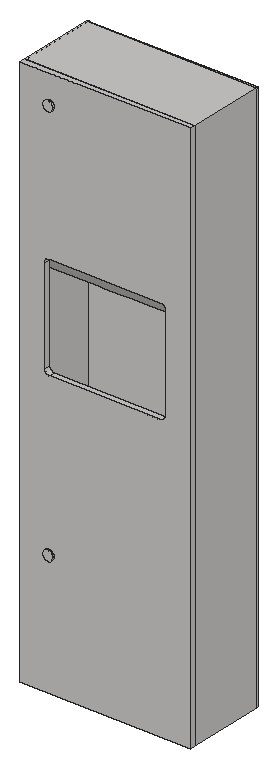
Revit family "rba-bim-B390039", category Specialty Equipment, Revit 2018
Family settings
  Round Connector Dimension = Use Diameter
  Part Type = Normal
  Work Plane-Based = No
  Always vertical = Yes
  Cut with Voids When Loaded = No
  Shared = Yes
  Room Calculation Point = No
Parameters
  Materials and Finishes = Satin Finished Stainless Steel
Reference planes
  plane 1 "Center (Front/Back)": y = 0
  plane 2: z = 0
  plane 3 "Center (Left/Right)": x = 0
  plane 4: z = 900
Forms (mm)
  Extrusion 1, solid, material "Satin Finished Stainless Steel" <- "Materials and Finishes"
    sketch origin (0, 14.287, 1029.608) x (1, 0, 0) y (0, 0, 1)
      loop
        line (-215.119, 388.011) -> (-215.119, -1027.226) -> (215.119, -1027.226) -> (215.119, 388.011) -> (-215.119, 388.011)
      loop
        line (217.5, 390.392) -> (-217.5, 390.392) -> (-217.5, -1029.608) -> (217.5, -1029.608) -> (217.5, 390.392)
    from 0 to -198.427
  Extrusion 2, solid, material "Satin Finished Stainless Steel" <- "Materials and Finishes"
    sketch origin (0, 214.302, 1029.608) x (1, 0, 0) y (0, 0, 1)
      loop
        line (-217.5, 390.392) -> (-217.5, -1029.608) -> (217.5, -1029.608) -> (217.5, 390.392) -> (-217.5, 390.392)
    from 0 to 1.588
  Extrusion 3, void
    sketch origin (0, 14.287, 1163.955) x (1, 0, 0) y (0, 0, 1)
      loop
        arc (-142.081, -169.552) -> (-151.062, -173.272) -> (-154.781, -182.252) r 12.7
        line (-154.781, -182.252) -> (-154.781, -425.129)
        arc (-154.781, -425.129) -> (-151.062, -434.109) -> (-142.081, -437.829) r 12.7
        line (-142.081, -437.829) -> (142.081, -437.829)
        arc (142.081, -437.829) -> (151.062, -434.109) -> (154.781, -425.129) r 12.7
        line (154.781, -425.129) -> (154.781, -182.252)
        arc (154.781, -182.252) -> (151.062, -173.272) -> (142.081, -169.552) r 12.7
        line (142.081, -169.552) -> (-142.081, -169.552)
    from 14.287 to 0
  Extrusion 4, solid, material "Satin Finished Stainless Steel" <- "Materials and Finishes"
    sketch origin (0, 14.287, 520.48) x (0, 0, 1) y (0, -1, 0)
      loop
        line (371.361, -158.928) -> (371.361, -192.088) -> (374.536, -192.088) -> (374.536, -158.997)
        arc (374.536, -158.997) -> (403.188, -63.698) -> (479.644, 0) r 172.812
        line (479.644, 0) -> (473.923, 0)
        arc (473.923, 0) -> (399.228, -64.354) -> (371.361, -158.928) r 174.418
    from -194.469 to 194.469
  Extrusion 5, solid, material "Satin Finished Stainless Steel" <- "Materials and Finishes"
    sketch origin (0, 63.417, 1029.608) x (1, 0, 0) y (0, 0, 1)
      loop
        line (-217.5, 390.392) -> (-217.5, -1029.608) -> (217.5, -1029.608) -> (217.5, 390.392) -> (-217.5, 390.392)
    from 49.13 to 63.417
  Extrusion 6, void
    sketch origin (-347.51, -1204.913, 902.965) x (0, -1, 0) y (-1, 0, 0)
      loop
        line (-1336.993, -186.238) -> (-1336.993, -508.782)
        arc (-1336.993, -508.782) -> (-1327.468, -518.307) -> (-1317.943, -508.782) r 9.525
        line (-1317.943, -508.782) -> (-1317.943, -485.296)
        arc (-1317.943, -485.296) -> (-1269.054, -347.51) -> (-1317.943, -209.724) r 218.609
        line (-1317.943, -209.724) -> (-1317.943, -186.238)
        arc (-1317.943, -186.238) -> (-1327.468, -176.713) -> (-1336.993, -186.238) r 9.525
    from 27.117 to -54.377
  Extrusion 7, solid, material "Satin Finished Stainless Steel" <- "Materials and Finishes"
    sketch origin (0, 0, 1029.608) x (1, 0, 0) y (0, 0, 1)
      loop
        circle (-144.208, -714.02) r 12.7
      loop
        circle (-143.647, 316.069) r 12.7
    from 0 to 3.175
Cuts and joins
  Extrusion 3 cuts Extrusion 5
  Extrusion 6 cuts Extrusion 4
Dimensions and locks
  locked: Extrusion 4 sketch curve to Extrusion 4 sketch curve at 3.175
  aligned and locked: level to plane 2
